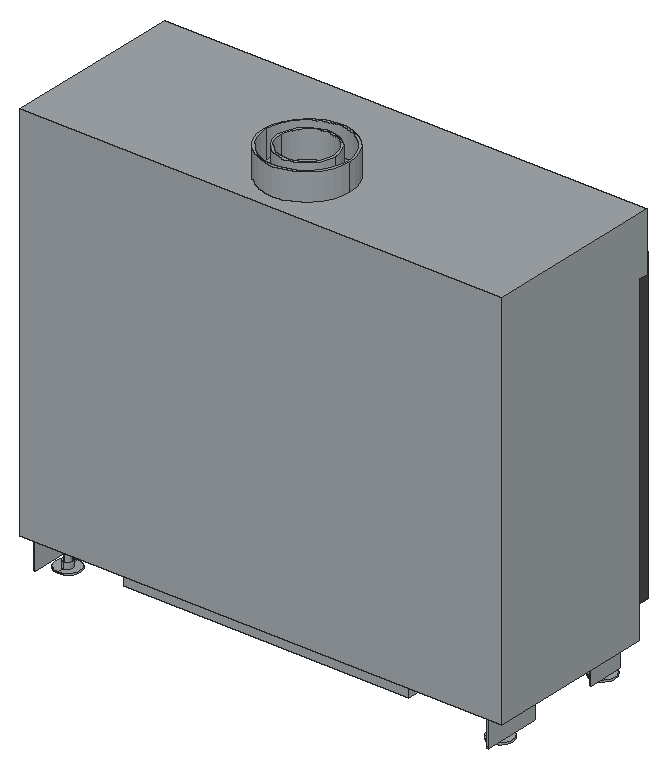
Revit family "METALFIRE_AVENUE_MF_1050-75_GHE_1S Brick", category Mechanical Equipment, host Wall, Revit 2018
Family settings
  Host = Wall
  Round Connector Dimension = Use Diameter
  Part Type = Normal
  OmniClass Number = 23.75.00.00
  OmniClass Title = Climate Control (HVAC)
  Always vertical = Yes
  Cut with Voids When Loaded = No
  Shared = No
  Room Calculation Point = No
Parameters (values of type "MF_1050-750_GHE_1S Brick")
  WIDTH = 1050 mm
  WEIGHT = 140.00 kg
  URL = "https://www.metalfire.eu"
  TECHNICAL SHEET = "https://www.metalfire.eu/sites/default/files/media-files/AVENUE%20MF%201050-75%20GHE%201S_0.pdf"
  SMOKE EXHAUST = "Ø130/200 mm"
  PRODUCT SHEET = "https://www.archiproducts.com/en/products/metalfire/gas-closed-fireplace-avenue-gas-fireplace_457058"
  PRODUCT CODE = "MF 1050-75 GHE 1S Brick"
  OVERALL WIDTH = 1178 mm
  OVERALL HEIGHT = 1120 mm
  OVERALL DEPTH = 444 mm
  OUTPUT = 9500 W
  Model = "Avenue"
  Manufacturer = "METALFIRE"
  MATERIAL DESCRIPTION = "Iron, galvanized steel"
  HEIGHT = 740 mm
  FRAME MATERIAL = Iron - Metalfire
  FINISHING MATERIAL = Painted steel, cast iron
  ENERGY EFFICIENCY CLASS = "A (G20) / B (G30)"
  Description = "The new AVENUE collection introduces meaningful and comprehensive innovations to the closed gas-burning Metalfire line-up."
  BIM USER MANUAL = "https://bimcad.edilportale.com/METALFIRE-BIM-USER-MANUAL-Metalfire-bim.pdf"
  BIM BADGE = "https://bim.archiproducts.com/en/badge/bim-archiproducts-featured_658700/about"
  BIM AUTHOR = "https://bim.archiproducts.com"
Reference planes
  plane 1 "Wall": y = 0
  plane 2 "Center (Left/Right)": x = 0
  plane 3 "Back": y = 300
Forms (mm)
  Extrusion 1, void
    sketch origin (0, 0, 0) x (0, 1, 0) y (0, 0, 1)
      loop
        line (230, 1080) -> (-214, 1080) -> (-214, 0) -> (230, 0) -> (230, 1080)
    from -589 to 589
  Extrusion 2, void
    sketch origin (0, 300, 0) x (1, 0, 0) y (0, 0, 1)
      loop
        line (535, 111) -> (535, 871) -> (-535, 871) -> (-535, 111) -> (535, 111)
    from 0 to 70
Text (mm)
  text "Placement side" at (-1820.995, 1116.779, 0), in view "Ref. Level"
  text "Placement side" at (0, 1334.055, 2976.191), in view "Left"
  text "Placement side" at (0, 439.194, 2944.362), in view "Right"
Dimensions and locks
  locked: plane 3 "Back" to host wall
  aligned and locked: plane 1 "Wall" to host wall
  aligned and locked: nested 1 to plane 3 "Back"
  aligned and locked: nested 1 to plane 2 "Center (Left/Right)"
  aligned and locked: Extrusion 1 sketch curve to nested 1  (x3)
  aligned and locked: level to Extrusion 1 sketch curve
  aligned and locked: Extrusion 2 sketch curve to nested 1  (x4)
  aligned and locked: Extrusion 2 to plane 3 "Back"
  aligned and locked: Extrusion 2 to nested 1
Nested families
  nested 1: "FIREPLACE" at (0, 300, 0) x (-1, 0, 0) z (0, 0, 1), Body material <- "FRAME MATERIAL", External material <- "FINISHING MATERIAL", type "FIREPLACE"
    with External material Painted steel, cast iron, Clear glass Clear Glass - Metalfire, Body material Iron - Metalfire
Connectors
  piping at (0, -73.083, 1080), diameter 200
    settings: on nested 1, index 1, connector inside diameter 609.6 mm, connector length 0 mm, flow factor 0, pipe flow 0.0 L/s, pressure drop 0.0 Pa, fitting loss kfactor 0, connector angle 0.00°, fixture units 0, engagement length 0 mm, angle of deflection 0.00°, flow configuration 0, flow direction 2, fitting loss method 0, system type 17, joint type 0, gender type 0, connector reference index -1, connector utility 0, adjustable connector no, is connector primary yes, connector description ""
Definition of nested family "FIREPLACE"
  Parameters (values of type "FIREPLACE")
    External material [instance] = none
    Clear glass [instance] = none
    Body material [instance] = none
  Reference planes
    plane 1 "Center (Front/Back)": y = 0
    plane 2: z = 0
    plane 3 "Center (Left/Right)": x = 0
  Forms (mm)
    Revolve 1, solid, material <- "Body material", detail levels fine
      sketch origin (-529, -244.43, 1200) x (0, -1, 0) y (0, 0, 1)
        loop
          line (-373.93, -1200) -> (-373.93, -1122) -> (-381.93, -1122) -> (-381.93, -1184) -> (-385.93, -1184) -> (-385.93, -1197) -> (-403.93, -1197) -> (-403.93, -1200) -> (-373.93, -1200)
        axis (-373.93, -1122) -> (-373.93, -1200)
      angle from 0 to 360
    Revolve 2, solid, material <- "Body material", detail levels fine
      sketch origin (-529, 69.07, 1200) x (0, -1, 0) y (0, 0, 1)
        loop
          line (-373.93, -1200) -> (-373.93, -1122) -> (-381.93, -1122) -> (-381.93, -1184) -> (-385.93, -1184) -> (-385.93, -1197) -> (-403.93, -1197) -> (-403.93, -1200) -> (-373.93, -1200)
        axis (-373.93, -1122) -> (-373.93, -1200)
      angle from 0 to 360
    Revolve 3, solid, material <- "Body material", detail levels fine
      sketch origin (529, -244.43, 1200) x (0, -1, 0) y (0, 0, -1)
        loop
          line (-373.93, 1200) -> (-403.93, 1200) -> (-403.93, 1197) -> (-385.93, 1197) -> (-385.93, 1184) -> (-381.93, 1184) -> (-381.93, 1122) -> (-373.93, 1122) -> (-373.93, 1200)
        axis (-373.93, 1122) -> (-373.93, 1200)
      angle from 0 to 360
    Revolve 4, solid, material <- "Body material", detail levels fine
      sketch origin (529, 69.07, 1200) x (0, -1, 0) y (0, 0, -1)
        loop
          line (-373.93, 1200) -> (-403.93, 1200) -> (-403.93, 1197) -> (-385.93, 1197) -> (-385.93, 1184) -> (-381.93, 1184) -> (-381.93, 1122) -> (-373.93, 1122) -> (-373.93, 1200)
        axis (-373.93, 1122) -> (-373.93, 1200)
      angle from 0 to 360
    Extrusion 5, solid, material <- "Body material", detail levels fine
      sketch origin (0, 0, 0) x (0, 1, 0) y (0, 0, 1)
        loop
          line (70, 1014) -> (70, 871) -> (93, 871) -> (93, 78) -> (514, 78) -> (514, 1014) -> (70, 1014)
      from 535 to 589
    Extrusion 6, solid, material <- "Body material", detail levels fine
      sketch origin (0, 0, 0) x (1, 0, 0) y (0, 1, 0)
        loop
          circle (0, 373.083) r 100
        loop
          circle (0, 373.083) r 105
      from 1014 to 1080
    Extrusion 7, solid, material <- "Body material", detail levels fine
      sketch origin (0, 0, 0) x (0, 1, 0) y (0, 0, 1)
        loop
          line (112, 78) -> (112, 17)
          arc (112, 17) -> (112.879, 14.879) -> (115, 14) r 3
          line (115, 14) -> (197, 14)
          arc (197, 14) -> (199.121, 14.879) -> (200, 17) r 3
          line (200, 17) -> (200, 56.2)
          arc (200, 56.2) -> (201.464, 59.736) -> (205, 61.2) r 5
          line (205, 61.2) -> (367.5, 61.2)
          arc (367.5, 61.2) -> (371.036, 59.736) -> (372.5, 56.2) r 5
          line (372.5, 56.2) -> (372.5, 17)
          arc (372.5, 17) -> (373.379, 14.879) -> (375.5, 14) r 3
          line (375.5, 14) -> (510, 14)
          arc (510, 14) -> (512.121, 14.879) -> (513, 17) r 3
          line (513, 17) -> (513, 78) -> (112, 78)
      from 553 to 556
    Extrusion 8, solid, material <- "Body material", detail levels fine
      sketch origin (0, 0, 0) x (0, 1, 0) y (0, 0, -1)
        loop
          line (112, -78) -> (513, -78) -> (513, -17)
          arc (513, -17) -> (512.121, -14.879) -> (510, -14) r 3
          line (510, -14) -> (375.5, -14)
          arc (375.5, -14) -> (373.379, -14.879) -> (372.5, -17) r 3
          line (372.5, -17) -> (372.5, -56.2)
          arc (372.5, -56.2) -> (371.036, -59.736) -> (367.5, -61.2) r 5
          line (367.5, -61.2) -> (205, -61.2)
          arc (205, -61.2) -> (201.464, -59.736) -> (200, -56.2) r 5
          line (200, -56.2) -> (200, -17)
          arc (200, -17) -> (199.121, -14.879) -> (197, -14) r 3
          line (197, -14) -> (115, -14)
          arc (115, -14) -> (112.879, -14.879) -> (112, -17) r 3
          line (112, -17) -> (112, -78)
      from 553 to 556
    Extrusion 9, solid, material <- "Body material", detail levels fine
      sketch origin (0, 0, 0) x (1, 0, 0) y (0, 0, 1)
        loop
          line (-349.5, 46) -> (349.5, 46) -> (349.5, 78) -> (-349.5, 78) -> (-349.5, 46)
      from -112 to -497
    Extrusion 10, solid, material <- "External material", detail levels medium+fine
      sketch origin (-1538.26, 0, 0) x (1, 0, 0) y (0, 0, 1)
        loop
          line (1003.26, 111) -> (2073.26, 111) -> (2073.26, 871) -> (1003.26, 871) -> (1003.26, 111)
        loop
          line (1013.26, 121) -> (2063.26, 121) -> (2063.26, 861) -> (1013.26, 861) -> (1013.26, 121)
      from 0 to -474
    Extrusion 11, solid, material <- "Body material", detail levels fine
      sketch origin (0, 0, 0) x (0, 1, 0) y (0, 0, -1)
        loop
          line (70, -1014) -> (514, -1014) -> (514, -78) -> (93, -78) -> (93, -871) -> (70, -871) -> (70, -1014)
      from 535 to 589
    Extrusion 12, solid, material <- "Body material", detail levels fine
      sketch origin (0, 0, 0) x (0, 1, 0) y (0, 0, -1)
        loop
          line (70, -1014) -> (514, -1014) -> (514, -78) -> (93, -78) -> (93, -111) -> (474, -111) -> (474, -871) -> (70, -871) -> (70, -1014)
      from -535 to 535
    Extrusion 13, solid, material <- "Clear glass", detail levels medium+fine
      sketch origin (0, 0, 0) x (1, 0, 0) y (0, 0, 1)
        loop
          line (-525, 121) -> (525, 121) -> (525, 861) -> (-525, 861) -> (-525, 121)
      from -98 to -93
    Extrusion 14, solid, material <- "External material", detail levels medium+fine
      sketch origin (0, 0, 0) x (1, 0, 0) y (0, 0, 1)
        loop
          line (-525, 121) -> (525, 121) -> (525, 861) -> (-525, 861) -> (-525, 121)
      from -474 to -465.433
    Extrusion 15, solid, material <- "Body material", detail levels fine
      sketch origin (0, 0, 0) x (1, 0, 0) y (0, 1, 0)
        loop
          circle (0, 373.083) r 65
        loop
          circle (0, 373.083) r 70
      from 1014 to 1080
  Cuts and joins
    joined: Revolve 1, Revolve 2, Revolve 3, Revolve 4
    joined: Extrusion 5, Extrusion 11, Extrusion 12
    joined: Extrusion 10, Extrusion 14
  Dimensions and locks
    aligned and locked: level to plane 2
